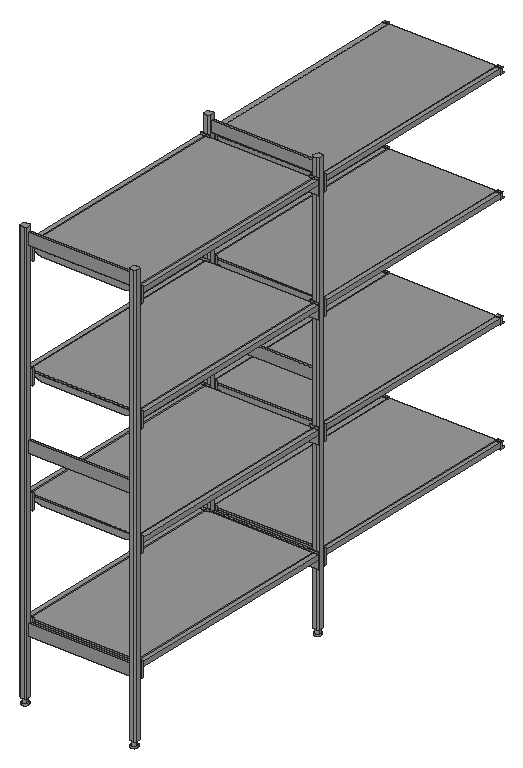
Revit family "QF_ZANUSSI_137082_CLS1840", category Attrezzature speciali, Revit 2020
Family settings
  Quota connettore circolare = Usa diametro
  Tipo di parte = Normale
  Basato su piano di lavoro = No
  Sempre verticale = Sì
  Taglio con vuoti quando caricato = No
  Condiviso = No
  Punto di calcolo locali = No
Parameters (values of type "Standard")
  Weight = 34.00 kg
  Watts = 0 W
  Volts = 0 V
  URL Manufacturer = "http://www.zanussiprofessional.com"
  URL = "http://www.zanussiprofessional.com"
  Steam Supply Size = 0 mm
  Steam Supply Minimum Pressure = 0.0 Pa
  Steam Supply Maximum Pressure = 0.0 Pa
  Steam Consumption per Hour = 0
  Refrigeration Suction Line Size = 0.0 mm
  Refrigeration Liquid Line Size = 0.0 mm
  Refrigerant Compressor Remote = yes
  Prospetto di default = 0.0 mm
  Phase = 0
  Modello = "CLS1840"
  Produttore = "Zanussi"
  Length Actual = 1844.0 mm  # constant formula
  Item Number = "137082"
  Hot Water Size = 0 mm
  Height Actual = 1700.0 mm  # constant formula
  HP = "0 HP"
  Gas Size = 0 mm
  Gas KW = 0
  Gas Input Pressure = 0 W
  Direct Waste Size = 0 mm
  Descrizione = "ALUM.CORNER SHELV.-POLY.TIERS-475X1844MM"
  Depth Actual = 475.0 mm  # constant formula
  Cycle = 0 Hz
  Condensate Return Size = 0 mm
  Compressed Air Volume = 0.0 L/s
  Compressed Air Size = 0 mm
  Compressed Air Pressure = 0.0 Pa
  Cold Water Size = 0 mm
  Accessory = yes
Reference planes
  plane 1: z = 0
  plane 2 "CenterLeft": y = -535.5
  plane 3 "FRONT": y = -921.5
  plane 4 "LEFT": x = 192.5
  plane 5 "RIGHT": x = 667.5
  plane 6 "TOP": z = 1700
  plane 7: y = -889.5
  plane 8: y = -3.5
  plane 9 "Center (Left/Back)": x = 430
  plane 10: x = 256
  plane 11: x = 668
  plane 12 "FEET": z = 25
  plane 13: z = 275
  plane 14: z = 725
  plane 15: z = 1175
  plane 16: z = 1625
  plane 17 "CXLeft": y = -907.5
  plane 18 "Center (Front/Back)": y = 14.5
  plane 19 "CYFront": x = 510
  plane 20: y = 918.5
  plane 21: y = 32.5
  plane 22 "BACK": y = 922.5
  plane 23 "LEFT_ORIGIN": x = 158.5
  plane 24 "BACK_ORIGIN": y = 1397.5
Forms (mm)
  Extrusion 1, solid, material "QF_Aluminum"
    sketch origin (38.022, -921.5, -4.006) x (-1, 0, 0) y (0, 0, 1)
      loop
        line (-189.5, 1637.003) -> (-173.5, 1637.003) -> (-173.5, 1655) -> (-175.493, 1655) -> (-175.493, 1648.501) -> (-608.5, 1648.501) -> (-608.5, 1655) -> (-610.5, 1655) -> (-610.5, 1637.003) -> (-594.5, 1637.003) -> (-560.5, 1625) -> (-223.5, 1625) -> (-189.5, 1637.003)
      loop
        line (-189.5, 1187.003) -> (-173.5, 1187.003) -> (-173.5, 1205) -> (-175.493, 1205) -> (-175.493, 1198.501) -> (-608.5, 1198.501) -> (-608.5, 1205) -> (-610.5, 1205) -> (-610.5, 1187.003) -> (-594.5, 1187.003) -> (-560.5, 1175) -> (-223.5, 1175) -> (-189.5, 1187.003)
      loop
        line (-189.5, 737.003) -> (-173.5, 737.003) -> (-173.5, 755) -> (-175.493, 755) -> (-175.493, 748.501) -> (-608.5, 748.501) -> (-608.5, 755) -> (-610.5, 755) -> (-610.5, 737.003) -> (-594.5, 737.003) -> (-560.5, 725) -> (-223.5, 725) -> (-189.5, 737.003)
      loop
        line (-189.5, 287.003) -> (-173.5, 287.003) -> (-173.5, 305) -> (-175.493, 305) -> (-175.493, 298.501) -> (-608.5, 298.501) -> (-608.5, 305) -> (-610.5, 305) -> (-610.5, 287.003) -> (-594.5, 287.003) -> (-560.5, 275) -> (-223.5, 275) -> (-189.5, 287.003)
    from 37 to 32
  Extrusion 2, solid, material "QF_Aluminum"
    sketch origin (38.022, -921.5, 0) x (-1, 0, 0) y (0, 0, 1)
      loop
        line (-154.478, 246.005) -> (-154.478, 307.993) -> (-190.471, 307.993) -> (-190.471, 246.005) -> (-154.478, 246.005)
      loop
        line (-593.484, 246.005) -> (-593.484, 307.993) -> (-629.478, 307.993) -> (-629.478, 246.005) -> (-593.484, 246.005)
      loop
        line (-154.478, 696.005) -> (-154.478, 757.993) -> (-190.471, 757.993) -> (-190.471, 696.005) -> (-154.478, 696.005)
      loop
        line (-593.484, 696.005) -> (-593.484, 757.993) -> (-629.478, 757.993) -> (-629.478, 696.005) -> (-593.484, 696.005)
      loop
        line (-154.478, 1146.005) -> (-154.478, 1207.993) -> (-190.471, 1207.993) -> (-190.471, 1146.005) -> (-154.478, 1146.005)
      loop
        line (-593.484, 1146.005) -> (-593.484, 1207.993) -> (-629.478, 1207.993) -> (-629.478, 1146.005) -> (-593.484, 1146.005)
      loop
        line (-154.478, 1596.005) -> (-154.478, 1657.993) -> (-190.471, 1657.993) -> (-190.471, 1596.005) -> (-154.478, 1596.005)
      loop
        line (-593.484, 1596.005) -> (-593.484, 1657.993) -> (-629.478, 1657.993) -> (-629.478, 1596.005) -> (-593.484, 1596.005)
    from 28 to 32
  Extrusion 3, solid, material "QF_Aluminum"
    sketch origin (38.022, -921.5, 0) x (-1, 0, 0) y (0, 0, 1)
      loop
        line (-154.5, 1650.994) -> (-173.5, 1650.994) -> (-173.5, 1632.998) -> (-154.5, 1632.998) -> (-154.5, 1650.994)
      loop
        line (-154.5, 1200.994) -> (-173.5, 1200.994) -> (-173.5, 1182.998) -> (-154.5, 1182.998) -> (-154.5, 1200.994)
      loop
        line (-154.5, 750.994) -> (-173.5, 750.994) -> (-173.5, 732.998) -> (-154.5, 732.998) -> (-154.5, 750.994)
      loop
        line (-154.5, 300.994) -> (-173.5, 300.994) -> (-173.5, 282.998) -> (-154.5, 282.998) -> (-154.5, 300.994)
      loop
        line (-629.455, 1650.994) -> (-629.455, 1632.998) -> (-610.455, 1632.998) -> (-610.455, 1650.994) -> (-629.455, 1650.994)
      loop
        line (-629.455, 1200.994) -> (-629.455, 1182.998) -> (-610.455, 1182.998) -> (-610.455, 1200.994) -> (-629.455, 1200.994)
      loop
        line (-629.455, 750.994) -> (-629.455, 732.998) -> (-610.455, 732.998) -> (-610.455, 750.994) -> (-629.455, 750.994)
      loop
        line (-629.455, 300.994) -> (-629.455, 282.998) -> (-610.455, 282.998) -> (-610.455, 300.994) -> (-629.455, 300.994)
    from 32 to 918
  Extrusion 4, solid, material "QF_Polyethylene"
    sketch origin (38.022, -921.5, 0) x (-1, 0, 0) y (0, 0, 1)
      loop
        line (-175.493, 1650.994) -> (-608.5, 1650.994) -> (-608.5, 1644.496) -> (-175.493, 1644.496) -> (-175.493, 1650.994)
      loop
        line (-175.493, 1200.994) -> (-608.5, 1200.994) -> (-608.5, 1194.496) -> (-175.493, 1194.496) -> (-175.493, 1200.994)
      loop
        line (-175.493, 750.994) -> (-608.5, 750.994) -> (-608.5, 744.496) -> (-175.493, 744.496) -> (-175.493, 750.994)
      loop
        line (-175.493, 300.994) -> (-608.5, 300.994) -> (-608.5, 294.496) -> (-175.493, 294.496) -> (-175.493, 300.994)
    from 32 to 918
  Extrusion 5, solid, material "QF_Aluminum"
    sketch origin (38.022, 684.5, 0) x (-1, 0, 0) y (0, 0, 1)
      loop
        line (-154.5, 1650.994) -> (-173.5, 1650.994) -> (-173.5, 1632.998) -> (-154.5, 1632.998) -> (-154.5, 1650.994)
      loop
        line (-610.455, 1650.994) -> (-629.455, 1650.994) -> (-629.455, 1632.998) -> (-610.455, 1632.998) -> (-610.455, 1650.994)
      loop
        line (-154.5, 1200.994) -> (-173.5, 1200.994) -> (-173.5, 1182.998) -> (-154.5, 1182.998) -> (-154.5, 1200.994)
      loop
        line (-610.455, 1200.994) -> (-629.455, 1200.994) -> (-629.455, 1182.998) -> (-610.455, 1182.998) -> (-610.455, 1200.994)
      loop
        line (-154.5, 750.994) -> (-173.5, 750.994) -> (-173.5, 732.998) -> (-154.5, 732.998) -> (-154.5, 750.994)
      loop
        line (-610.455, 750.994) -> (-629.455, 750.994) -> (-629.455, 732.998) -> (-610.455, 732.998) -> (-610.455, 750.994)
      loop
        line (-154.5, 300.994) -> (-173.5, 300.994) -> (-173.5, 282.998) -> (-154.5, 282.998) -> (-154.5, 300.994)
      loop
        line (-610.455, 300.994) -> (-629.455, 300.994) -> (-629.455, 282.998) -> (-610.455, 282.998) -> (-610.455, 300.994)
    from 234 to -652
  Extrusion 6, solid, material "QF_Polyethylene"
    sketch origin (38.022, 684.5, 0) x (-1, 0, 0) y (0, 0, 1)
      loop
        line (-175.493, 1650.994) -> (-608.5, 1650.994) -> (-608.5, 1644.496) -> (-175.493, 1644.496) -> (-175.493, 1650.994)
      loop
        line (-175.493, 1200.994) -> (-608.5, 1200.994) -> (-608.5, 1194.496) -> (-175.493, 1194.496) -> (-175.493, 1200.994)
      loop
        line (-175.493, 750.994) -> (-608.5, 750.994) -> (-608.5, 744.496) -> (-175.493, 744.496) -> (-175.493, 750.994)
      loop
        line (-175.493, 300.994) -> (-608.5, 300.994) -> (-608.5, 294.496) -> (-175.493, 294.496) -> (-175.493, 300.994)
    from 234 to -652
Lines and regions (mm)
  symbolic lines
    curve 1: line (256, -912.5, 1700) -> (668, -912.5, 1700)
    curve 2: line (668, -902.5, 1700) -> (256, -902.5, 1700)
    curve 3: line (192.5, -893.5, 1700) -> (192.5, 0.5, 1700)
    curve 4: line (667.5, -889.5, 1700) -> (667.5, -3.5, 1700)
    curve 5: line (192.5, 28.5, 1700) -> (192.5, 922.5, 1700)
    curve 6: line (667.5, 28.5, 1700) -> (667.5, 922.5, 1700)
    curve 7: line (648.478, -3.5, 1700) -> (648.478, -889.5, 1700)
    curve 8: line (211.522, -889.5, 1700) -> (211.522, -3.5, 1700)
    curve 9: line (211.522, 32.5, 1700) -> (211.522, 918.5, 1700)
    curve 10: line (648.478, 918.5, 1700) -> (648.478, 32.5, 1700)
Dimensions and locks
  plane 3 "FRONT" to plane 2 "CenterLeft" = 386.0 mm
  locked: plane 6 "TOP" to level at 1700
  locked: plane 7 to plane 8 at 886
  locked: plane 10 to plane 11 at 412
  plane 10 to plane 9 "Center (Left/Back)" to plane 11 = 174.0 mm, 238.0 mm
  equal spacing: plane 4 "LEFT", plane 9 "Center (Left/Back)", plane 5 "RIGHT"
  plane 12 "FEET" to level = 25.0 mm
  plane 6 "TOP" to plane 12 "FEET" = 1675.0 mm
  plane 13 to plane 12 "FEET" = 250.0 mm
  plane 14 to plane 13 = 450.0 mm
  plane 15 to plane 14 = 450.0 mm
  plane 16 to plane 15 = 450.0 mm
  locked: plane 21 to plane 20 at 886
  locked: plane 8 to plane 18 "Center (Front/Back)" at 18
  locked: plane 18 "Center (Front/Back)" to plane 21 at 18
  locked: plane 3 "FRONT" to plane 7 at 32
  locked: plane 4 "LEFT" to plane 5 "RIGHT" at 475
  locked: plane 23 "LEFT_ORIGIN" to plane 5 "RIGHT" at 509
  locked: plane 22 "BACK" to plane 24 "BACK_ORIGIN" at 475
  locked: plane 22 "BACK" to plane 3 "FRONT" at 1844
  aligned and locked: level to plane 1
  aligned and locked: Extrusion 1 to plane 7
  aligned and locked: plane 7 to Extrusion 2
  aligned and locked: Extrusion 4 to plane 7
  aligned and locked: plane 8 to Extrusion 4
  aligned and locked: Extrusion 3 to plane 7
  aligned and locked: plane 8 to Extrusion 3
  aligned and locked: Extrusion 1 sketch curve to Extrusion 1 sketch curve  (x3)
  aligned and locked: Extrusion 5 sketch curve to Extrusion 5 sketch curve  (x2)
  aligned and locked: Extrusion 5 to plane 21  (x5)
  aligned and locked: Extrusion 6 to plane 21  (x5)
  aligned and locked: nested 2 to plane 18 "Center (Front/Back)"
  aligned and locked: plane 17 "CXLeft" to nested 1
  aligned and locked: plane 7 to Extrusion 3  (x3)
  aligned and locked: Extrusion 3 to plane 8  (x4)
  aligned and locked: Extrusion 4 to plane 8  (x4)
  aligned and locked: plane 20 to Extrusion 5
  aligned and locked: plane 20 to Extrusion 6
  aligned and locked: Extrusion 5 to plane 20  (x3)
  aligned and locked: Extrusion 6 to plane 20  (x3)
  aligned and locked: plane 9 "Center (Left/Back)" to nested 2
  aligned and locked: nested 3 to plane 22 "BACK"
Automatic sketch dimensions
  Extrusion 1 sketch curve to plane 19 "CYFront" = 138.522 mm  (x4)
  plane 11 to Extrusion 1 sketch curve = 35.478 mm  (x4)
  Extrusion 1 sketch curve to plane 13 = 4.006 mm
  Extrusion 1 sketch curve to Extrusion 1 sketch curve = 34.0 mm  (x4)
  Extrusion 1 sketch curve to plane 14 = 4.006 mm
  Extrusion 1 sketch curve to plane 15 = 4.006 mm
  Extrusion 1 sketch curve to plane 16 = 4.006 mm
  Extrusion 1 sketch curve to plane 10 = 5.522 mm  (x4)
  plane 10 to Extrusion 1 sketch curve = 28.478 mm  (x4)
  plane 13 to Extrusion 1 sketch curve = 7.998 mm  (x2)
  Extrusion 1 sketch curve to Extrusion 1 sketch curve = 11.498 mm  (x4)
  Extrusion 1 sketch curve to Extrusion 1 sketch curve = 6.499 mm  (x8)
  plane 14 to Extrusion 1 sketch curve = 7.998 mm  (x2)
  plane 15 to Extrusion 1 sketch curve = 7.998 mm  (x2)
  plane 16 to Extrusion 1 sketch curve = 7.998 mm  (x2)
  plane 5 "RIGHT" to Extrusion 2 sketch curve = 35.993 mm  (x4)
  Extrusion 2 sketch curve to plane 4 "LEFT" = 0.0 mm  (x4)
  plane 11 to Extrusion 2 sketch curve = 0.5 mm  (x4)
  plane 10 to Extrusion 2 sketch curve = 27.507 mm  (x4)
  Extrusion 2 sketch curve to plane 13 = 28.995 mm  (x2)
  plane 13 to Extrusion 2 sketch curve = 32.993 mm  (x2)
  Extrusion 2 sketch curve to plane 14 = 28.995 mm  (x2)
  plane 14 to Extrusion 2 sketch curve = 32.993 mm  (x2)
  Extrusion 2 sketch curve to plane 15 = 28.995 mm  (x2)
  plane 15 to Extrusion 2 sketch curve = 32.993 mm  (x2)
  Extrusion 2 sketch curve to plane 16 = 28.995 mm  (x2)
  plane 16 to Extrusion 2 sketch curve = 32.993 mm  (x2)
  plane 13 to Extrusion 4 sketch curve = 19.496 mm
  Extrusion 4 sketch curve to Extrusion 4 sketch curve = 6.499 mm  (x4)
  plane 14 to Extrusion 4 sketch curve = 19.496 mm
  plane 15 to Extrusion 4 sketch curve = 19.496 mm
  plane 16 to Extrusion 4 sketch curve = 19.496 mm
  plane 5 "RIGHT" to Extrusion 5 sketch curve = 0.022 mm  (x4)
  Extrusion 5 sketch curve to plane 4 "LEFT" = 19.022 mm  (x4)
  Extrusion 5 sketch curve to plane 19 "CYFront" = 138.478 mm  (x2)
  plane 13 to Extrusion 5 sketch curve = 7.998 mm  (x2)
  Extrusion 5 sketch curve to Extrusion 5 sketch curve = 17.997 mm  (x8)
  plane 14 to Extrusion 5 sketch curve = 7.998 mm  (x2)
  plane 15 to Extrusion 5 sketch curve = 7.998 mm  (x2)
  plane 16 to Extrusion 5 sketch curve = 7.998 mm  (x2)
  Extrusion 6 sketch curve to plane 19 "CYFront" = 136.522 mm  (x4)
  plane 13 to Extrusion 6 sketch curve = 19.496 mm
  Extrusion 6 sketch curve to Extrusion 6 sketch curve = 6.499 mm  (x4)
  plane 14 to Extrusion 6 sketch curve = 19.496 mm
  plane 15 to Extrusion 6 sketch curve = 19.496 mm
  plane 16 to Extrusion 6 sketch curve = 19.496 mm
  plane 5 "RIGHT" to Extrusion 3 sketch curve = 0.022 mm  (x4)
  Extrusion 3 sketch curve to Extrusion 3 sketch curve = 19.0 mm  (x4)
  plane 14 to Extrusion 3 sketch curve = 7.998 mm  (x2)
  plane 10 to Extrusion 3 sketch curve = 44.478 mm  (x4)
  Extrusion 3 sketch curve to plane 4 "LEFT" = 0.022 mm  (x4)
  plane 13 to Extrusion 3 sketch curve = 25.994 mm  (x2)
  plane 13 to Extrusion 3 sketch curve = 7.998 mm  (x2)
  Extrusion 3 sketch curve to Extrusion 3 sketch curve = 17.997 mm  (x6)
  plane 15 to Extrusion 3 sketch curve = 7.998 mm  (x2)
  plane 16 to Extrusion 3 sketch curve = 7.998 mm  (x2)
  plane 10 to Extrusion 1 sketch curve = 42.484 mm  (x4)
  plane 10 to Extrusion 1 sketch curve = 44.478 mm  (x2)
  Extrusion 1 sketch curve to Extrusion 1 sketch curve = 1.993 mm  (x2)
  plane 10 to Extrusion 4 sketch curve = 42.484 mm  (x4)
  Extrusion 5 sketch curve to plane 4 "LEFT" = 0.022 mm  (x4)
  plane 10 to Extrusion 6 sketch curve = 42.484 mm  (x4)
  Extrusion 1 sketch curve to Extrusion 1 sketch curve = 2.0 mm
  plane 5 "RIGHT" to Extrusion 4 sketch curve = 20.978 mm  (x4)
  curve 1 to plane 11 = 0.0 mm
  curve 1 to plane 10 = 0.0 mm
  curve 2 to plane 10 = 0.0 mm
  curve 2 to plane 11 = 0.0 mm
  curve 3 to plane 4 "LEFT" = 0.0 mm
  curve 4 to plane 5 "RIGHT" = 0.0 mm
  plane 7 to curve 4 = 0.0 mm
  plane 7 to curve 8 = 0.0 mm
  plane 8 to curve 8 = 0.0 mm
  plane 8 to curve 7 = 0.0 mm
  plane 8 to curve 4 = 0.0 mm
  curve 5 to plane 4 "LEFT" = 0.0 mm
  curve 6 to plane 5 "RIGHT" = 0.0 mm
  plane 20 to curve 9 = 0.0 mm
  plane 22 "BACK" to curve 5 = 0.0 mm
  plane 22 "BACK" to curve 6 = 0.0 mm
  plane 7 to curve 3 = 4.0 mm
  plane 17 "CXLeft" to curve 2 = 5.0 mm
  curve 1 to plane 17 "CXLeft" = 5.0 mm
  curve 3 to plane 8 = 4.0 mm
  curve 6 to plane 21 = 4.0 mm
  curve 9 to plane 4 "LEFT" = 19.022 mm
  curve 8 to plane 4 "LEFT" = 19.022 mm
  curve 9 to plane 21 = 0.0 mm
  plane 21 to curve 10 = 0.0 mm
  curve 5 to plane 21 = 4.0 mm
  plane 7 to curve 7 = 0.0 mm
  curve 4 to curve 7 = 19.022 mm
  plane 20 to curve 10 = 0.0 mm
  plane 5 "RIGHT" to curve 10 = 19.022 mm
Nested families
  nested 1: "WT_Anta475" at (215.5, -504.5, 0) x (0, 1, 0) z (0, 0, 1), type "WT_Anta475"
  nested 2: "WT_Anta475Center" at (215.5, 417.5, 0) x (0, 1, 0) z (0, 0, 1), type "WT_Anta475Center"
  nested 3: "WT_Aggancio475" at (215.5, 1330.5, 0) x (0, 1, 0) z (0, 0, 1), type "WT_Aggancio475"
Definition of nested family "WT_Anta475"
  Parameters
    WidthLeft = A + 64.0 mm  # 772.0 mm
    Width = 1606.0 mm
    Right = WidthLeft / 2  # 386.0 mm
    Default Elevation = 0.0 mm
    Left = -WidthLeft / 2  # -386.0 mm
    Height = 1725.0 mm
    FEET = 25.0 mm
    E = 0.0 mm
    Dint = Depth - 63.0 mm  # 412.0 mm
    Dext = Depth - 8.0 mm  # 467.0 mm
    Depth = 475.0 mm
    DX = (WidthLeft - A) / 2  # 32.0 mm
    B = 798.0 mm
    A = 708.0 mm
  Reference planes
    plane 1: z = 0
    plane 2 "LEFT": x = -417
    plane 3 "BACK": y = 23
    plane 4 "FRONT": y = -452
    plane 5 "TOP": z = 1725
    plane 6 "Center (Front/Back)": y = -214.5
    plane 7: y = -8.5
    plane 8: y = -420.5
    plane 9 "FEET": z = 25
    plane 10: z = 275
    plane 11: z = 725
    plane 12: z = 1175
    plane 13: z = 1625
    plane 14 "CXLeft": x = -403
    plane 15: y = 5.5
    plane 16 "CYBack": y = 5.5
    plane 17 "CYFront": y = -434.5
    plane 18: x = -385.031
    plane 19: x = -380.031
  Forms (mm)
    Extrusion 1, solid
      sketch origin (0, 0, 0) x (1, 0, 0) y (0, 1, 0)
        loop
          line (-417, 13.246) -> (-417, -2.246) -> (-410.746, -8.5) -> (-395.254, -8.5) -> (-389, -2.246) -> (-389, 13.246) -> (-395.254, 19.5) -> (-410.746, 19.5) -> (-417, 13.246)
      from 1725 to 25
    Extrusion 2, solid
      sketch origin (-417, 0, 0) x (0, 1, 0) y (0, 0, 1)
        loop
          line (23, 246.005) -> (23, 307.993) -> (-12.993, 307.993) -> (-12.993, 246.005) -> (23, 246.005)
        loop
          line (-452, 246.005) -> (-416.007, 246.005) -> (-416.007, 307.993) -> (-452, 307.993) -> (-452, 246.005)
        loop
          line (23, 696.005) -> (23, 757.993) -> (-12.993, 757.993) -> (-12.993, 696.005) -> (23, 696.005)
        loop
          line (-452, 696.005) -> (-416.007, 696.005) -> (-416.007, 757.993) -> (-452, 757.993) -> (-452, 696.005)
        loop
          line (23, 1146.005) -> (23, 1207.993) -> (-12.993, 1207.993) -> (-12.993, 1146.005) -> (23, 1146.005)
        loop
          line (-452, 1146.005) -> (-416.007, 1146.005) -> (-416.007, 1207.993) -> (-452, 1207.993) -> (-452, 1146.005)
        loop
          line (23, 1596.005) -> (23, 1657.993) -> (-12.993, 1657.993) -> (-12.993, 1596.005) -> (23, 1596.005)
        loop
          line (-452, 1596.005) -> (-416.007, 1596.005) -> (-416.007, 1657.993) -> (-452, 1657.993) -> (-452, 1596.005)
      from 28 to 32
    Revolve 3, solid
      sketch origin (-403, 0, 0) x (0, 1, 0) y (0, 0, 1)
        loop
          line (5.5, 25) -> (5.5, 0) -> (19, 0) -> (19, 5) -> (14, 5) -> (14, 25) -> (5.5, 25)
        axis (5.5, 25) -> (5.5, 0)
      angle from 0 to 360
    Extrusion 4, solid
      sketch origin (-403, 0, 0) x (0, 1, 0) y (0, 0, 1)
        loop
          line (-8.5, 912.382) -> (-8.5, 957.374) -> (-420.5, 957.374) -> (-420.5, 912.382) -> (-8.5, 912.382)
        loop
          line (-8.5, 1662.244) -> (-8.5, 1707.236) -> (-420.5, 1707.236) -> (-420.5, 1662.244) -> (-8.5, 1662.244)
      from -5 to 5
    Revolve 5, solid
      sketch origin (-403, -627, 0) x (0, -1, 0) y (0, 0, 1)
        loop
          line (-192.5, 25) -> (-192.5, 0) -> (-179, 0) -> (-179, 5) -> (-184, 5) -> (-184, 25) -> (-192.5, 25)
        axis (-192.5, 25) -> (-192.5, 0)
      angle from 0 to 360
    Extrusion 6, solid
      sketch origin (0, -627, 0) x (1, 0, 0) y (0, 1, 0)
        loop
          line (-417, 184.754) -> (-410.746, 178.5) -> (-395.254, 178.5) -> (-389, 184.754) -> (-389, 200.246) -> (-395.254, 206.5) -> (-410.746, 206.5) -> (-417, 200.246) -> (-417, 184.754)
      from 1725 to 25
    Extrusion 7, solid
      sketch origin (-417.031, -0.022, 0) x (0, 1, 0) y (0, 0, -1)
        loop
          line (-12, -1632.998) -> (-46, -1620.994) -> (-383, -1620.994) -> (-417, -1632.998) -> (-433, -1632.998) -> (-433, -1650.994) -> (-431, -1650.994) -> (-431, -1644.496) -> (2.007, -1644.496) -> (2.007, -1650.994) -> (4, -1650.994) -> (4, -1632.998) -> (-12, -1632.998)
        loop
          line (-12, -1182.998) -> (-46, -1170.994) -> (-383, -1170.994) -> (-417, -1182.998) -> (-433, -1182.998) -> (-433, -1200.994) -> (-431, -1200.994) -> (-431, -1194.496) -> (2.007, -1194.496) -> (2.007, -1200.994) -> (4, -1200.994) -> (4, -1182.998) -> (-12, -1182.998)
        loop
          line (-12, -732.998) -> (-46, -720.994) -> (-383, -720.994) -> (-417, -732.998) -> (-433, -732.998) -> (-433, -750.994) -> (-431, -750.994) -> (-431, -744.496) -> (2.007, -744.496) -> (2.007, -750.994) -> (4, -750.994) -> (4, -732.998) -> (-12, -732.998)
        loop
          line (-12, -282.998) -> (-46, -270.994) -> (-383, -270.994) -> (-417, -282.998) -> (-433, -282.998) -> (-433, -300.994) -> (-431, -300.994) -> (-431, -294.496) -> (2.007, -294.496) -> (2.007, -300.994) -> (4, -300.994) -> (4, -282.998) -> (-12, -282.998)
      from -32 to -37
    Extrusion 8, solid
      sketch origin (-403, 0, -659.878) x (0, 1, 0) y (0, 0, 1)
        loop
          line (-8.5, 912.382) -> (-8.5, 957.374) -> (-420.5, 957.374) -> (-420.5, 912.382) -> (-8.5, 912.382)
        loop
          line (-8.5, 1572.382) -> (-8.5, 1617.374) -> (-420.5, 1617.374) -> (-420.5, 1572.382) -> (-8.5, 1572.382)
        loop
          line (-8.5, 2322.382) -> (-8.5, 2367.374) -> (-420.5, 2367.374) -> (-420.5, 2322.382) -> (-8.5, 2322.382)
      from -5 to 5
  Lines and regions (mm)
    symbolic lines
      curve 1: line (-408, -8.5, 1725) -> (-408, -420.5, 1725)
      curve 2: line (-398, -420.5, 1725) -> (-398, -8.5, 1725)
      curve 3: line (-395.254, -8.5, 1725) -> (-410.746, -8.5, 1725)
      curve 4: line (-417, -2.246, 1725) -> (-410.746, -8.5, 1725)
      curve 5: line (-417, 13.246, 1725) -> (-417, -2.246, 1725)
      curve 6: line (-410.746, 19.5, 1725) -> (-417, 13.246, 1725)
      curve 7: line (-395.254, 19.5, 1725) -> (-410.746, 19.5, 1725)
      curve 8: line (-389, 13.246, 1725) -> (-395.254, 19.5, 1725)
      curve 9: line (-395.254, -8.5, 1725) -> (-389, -2.246, 1725)
      curve 10: line (-395.254, -420.5, 1725) -> (-410.746, -420.5, 1725)
      curve 11: line (-417, -426.754, 1725) -> (-410.746, -420.5, 1725)
      curve 12: line (-410.746, -448.5, 1725) -> (-417, -442.246, 1725)
      curve 13: line (-395.254, -448.5, 1725) -> (-410.746, -448.5, 1725)
      curve 14: line (-389, -442.246, 1725) -> (-395.254, -448.5, 1725)
      curve 15: line (-395.254, -420.5, 1725) -> (-389, -426.754, 1725)
      curve 16: line (-389, -452, 1725) -> (-389, -416.007, 1725)
      curve 17: line (-389, -416.007, 1725) -> (-385, -416.007, 1725)
      curve 18: line (-389, 23, 1725) -> (-389, -12.993, 1725)
      curve 19: line (-389, -12.993, 1725) -> (-385, -12.993, 1725)
      curve 20: line (-417, -426.754, 1725) -> (-417, -442.246, 1725)
      curve 21: line (-385, -452, 1725) -> (-385, -416.007, 1725)
      curve 22: line (-385, -452, 1725) -> (-389, -452, 1725)
      curve 23: line (-385, 23, 1725) -> (-389, 23, 1725)
      curve 24: line (-385, -12.993, 1725) -> (-385, 23, 1725)
      curve 25: line (-385.031, -13.016, 1725) -> (-385.031, -416.029, 1725)
  Dimensions and locks
    "Height": plane 5 "TOP" to level
    "Depth": plane 3 "BACK" to plane 4 "FRONT"
    "Dint": plane 7 to plane 8
    equal spacing: plane 7, plane 6 "Center (Front/Back)", plane 8
    equal spacing: plane 3 "BACK", plane 6 "Center (Front/Back)", plane 4 "FRONT"
    plane 9 "FEET" to level = 25.0 mm
    plane 5 "TOP" to plane 9 "FEET" = 1700.0 mm
    plane 10 to plane 9 "FEET" = 250.0 mm
    plane 11 to plane 10 = 450.0 mm
    plane 12 to plane 11 = 450.0 mm
    plane 13 to plane 12 = 450.0 mm
    locked: plane 2 "LEFT" to plane 14 "CXLeft" at 14
    locked: plane 3 "BACK" to plane 16 "CYBack" at 17.5
    locked: plane 17 "CYFront" to plane 4 "FRONT" at 17.5
    locked: Revolve 3 sketch curve to Revolve 3 sketch curve at 8.5
    locked: Revolve 3 sketch curve to plane 16 "CYBack" at 13.5
    locked: Revolve 5 sketch curve to Revolve 5 sketch curve at 8.5
    aligned and locked: level to plane 1
    aligned and locked: curve 20 to Extrusion 6
    aligned and locked: plane 5 "TOP" to Extrusion 1
    aligned and locked: plane 5 "TOP" to Extrusion 6
    aligned and locked: Extrusion 7 sketch curve to Extrusion 7 sketch curve  (x3)
  Automatic sketch dimensions
    curve 16 to plane 4 "FRONT" = 0.0 mm
    curve 11 to plane 8 = 0.0 mm
    curve 9 to plane 7 = 0.0 mm
    curve 5 to plane 2 "LEFT" = 0.0 mm
    curve 23 to plane 3 "BACK" = 0.0 mm
    plane 4 "FRONT" to curve 13 = 3.5 mm
    curve 20 to plane 17 "CYFront" = 7.746 mm
    curve 20 to plane 8 = 6.254 mm
    plane 8 to curve 16 = 4.493 mm
    curve 24 to plane 18 = 0.031 mm
    curve 24 to plane 7 = 4.493 mm
    plane 7 to curve 5 = 6.254 mm
    curve 5 to plane 15 = 7.746 mm
    curve 6 to plane 3 "BACK" = 3.5 mm
    curve 21 to plane 18 = 0.031 mm
    plane 18 to curve 23 = 3.969 mm
    plane 18 to curve 16 = 3.969 mm
    curve 18 to curve 8 = 6.254 mm
    curve 18 to curve 3 = 6.254 mm
    curve 16 to curve 13 = 6.254 mm
    curve 16 to curve 15 = 6.254 mm
    plane 2 "LEFT" to curve 10 = 6.254 mm
    plane 2 "LEFT" to curve 7 = 6.254 mm
    plane 2 "LEFT" to curve 12 = 6.254 mm
    plane 2 "LEFT" to curve 3 = 6.254 mm
    curve 14 to plane 17 "CYFront" = 7.746 mm
    curve 15 to plane 8 = 6.254 mm
    plane 7 to curve 9 = 6.254 mm
    curve 8 to plane 15 = 7.746 mm
    curve 3 to curve 2 = 2.746 mm
    curve 1 to curve 10 = 2.746 mm
    Extrusion 1 sketch curve to plane 2 "LEFT" = 0.0 mm
    Extrusion 1 sketch curve to plane 7 = 0.0 mm
    plane 2 "LEFT" to Extrusion 1 sketch curve = 6.254 mm  (x2)
    plane 14 "CXLeft" to Extrusion 1 sketch curve = 7.746 mm  (x2)
    Extrusion 1 sketch curve to plane 3 "BACK" = 3.5 mm
    plane 18 to Extrusion 1 sketch curve = 3.969 mm
    plane 7 to Extrusion 1 sketch curve = 6.254 mm  (x2)
    Extrusion 1 sketch curve to plane 15 = 7.746 mm  (x2)
    Extrusion 2 sketch curve to plane 4 "FRONT" = 0.0 mm  (x4)
    Extrusion 2 sketch curve to plane 3 "BACK" = 0.0 mm  (x4)
    plane 8 to Extrusion 2 sketch curve = 4.493 mm  (x4)
    Extrusion 2 sketch curve to plane 7 = 4.493 mm  (x4)
    Extrusion 2 sketch curve to plane 10 = 28.995 mm  (x2)
    plane 10 to Extrusion 2 sketch curve = 32.993 mm  (x2)
    Extrusion 2 sketch curve to plane 11 = 28.995 mm  (x2)
    plane 11 to Extrusion 2 sketch curve = 32.993 mm  (x2)
    Extrusion 2 sketch curve to plane 12 = 28.995 mm  (x2)
    plane 12 to Extrusion 2 sketch curve = 32.993 mm  (x2)
    Extrusion 2 sketch curve to plane 13 = 28.995 mm  (x2)
    plane 13 to Extrusion 2 sketch curve = 32.993 mm  (x2)
    Revolve 3 sketch curve to plane 9 "FEET" = 0.0 mm  (x2)
    Revolve 3 sketch curve to plane 15 = 0.0 mm  (x2)
    Revolve 3 sketch curve to level = 0.0 mm
    level to Revolve 3 sketch curve = 5.0 mm
    Revolve 3 sketch curve to Revolve 3 sketch curve = 11.655 mm
    Extrusion 4 sketch curve to plane 8 = 0.0 mm  (x2)
    Extrusion 4 sketch curve to plane 7 = 0.0 mm  (x2)
    plane 11 to Extrusion 4 sketch curve = 187.382 mm
    Extrusion 4 sketch curve to Extrusion 4 sketch curve = 44.992 mm
    plane 13 to Extrusion 4 sketch curve = 37.244 mm
    Extrusion 4 sketch curve to plane 5 "TOP" = 17.764 mm
    Revolve 5 sketch curve to plane 9 "FEET" = 0.0 mm  (x2)
    Revolve 5 sketch curve to plane 17 "CYFront" = 0.0 mm  (x2)
    Revolve 5 sketch curve to level = 0.0 mm
    Revolve 5 sketch curve to plane 4 "FRONT" = 4.0 mm
    Revolve 5 sketch curve to Revolve 5 sketch curve = 5.0 mm
    level to Revolve 5 sketch curve = 11.655 mm
    Extrusion 6 sketch curve to plane 2 "LEFT" = 0.0 mm
    Extrusion 6 sketch curve to plane 8 = 0.0 mm
    Extrusion 6 sketch curve to plane 2 "LEFT" = 6.254 mm  (x2)
    Extrusion 6 sketch curve to plane 14 "CXLeft" = 7.746 mm  (x2)
    Extrusion 6 sketch curve to plane 4 "FRONT" = 3.5 mm
    Extrusion 6 sketch curve to plane 18 = 3.969 mm
    plane 8 to Extrusion 6 sketch curve = 6.254 mm  (x2)
    plane 17 "CYFront" to Extrusion 6 sketch curve = 7.746 mm  (x2)
    plane 17 "CYFront" to Extrusion 7 sketch curve = 1.478 mm  (x4)
    Extrusion 7 sketch curve to Extrusion 7 sketch curve = 2.0 mm
    plane 8 to Extrusion 7 sketch curve = 3.478 mm  (x4)
    Extrusion 7 sketch curve to plane 10 = 4.006 mm
    Extrusion 7 sketch curve to Extrusion 7 sketch curve = 34.0 mm  (x4)
    Extrusion 7 sketch curve to plane 11 = 4.006 mm
    Extrusion 7 sketch curve to plane 12 = 4.006 mm
    Extrusion 7 sketch curve to plane 13 = 4.006 mm
    Extrusion 7 sketch curve to plane 7 = 37.522 mm  (x4)
    Extrusion 7 sketch curve to plane 7 = 3.522 mm  (x4)
    plane 15 to Extrusion 7 sketch curve = 3.516 mm  (x4)
    plane 15 to Extrusion 7 sketch curve = 1.522 mm  (x4)
    plane 13 to Extrusion 7 sketch curve = 7.998 mm  (x2)
    Extrusion 7 sketch curve to Extrusion 7 sketch curve = 11.498 mm
    Extrusion 7 sketch curve to Extrusion 7 sketch curve = 6.499 mm  (x5)
    plane 12 to Extrusion 7 sketch curve = 25.994 mm  (x2)
    plane 12 to Extrusion 7 sketch curve = 7.998 mm  (x2)
    plane 11 to Extrusion 7 sketch curve = 25.994 mm  (x2)
    plane 11 to Extrusion 7 sketch curve = 7.998 mm  (x2)
    plane 10 to Extrusion 7 sketch curve = 25.994 mm  (x2)
    plane 10 to Extrusion 7 sketch curve = 7.998 mm  (x2)
    curve 25 to plane 18 = 0.0 mm
    plane 8 to curve 25 = 4.471 mm
    curve 25 to plane 7 = 4.516 mm
    Extrusion 8 sketch curve to plane 8 = 0.0 mm  (x3)
    Extrusion 8 sketch curve to plane 7 = 0.0 mm  (x3)
    Extrusion 8 sketch curve to plane 10 = 22.496 mm
    plane 10 to Extrusion 8 sketch curve = 22.496 mm
    plane 11 to Extrusion 8 sketch curve = 187.504 mm
    Extrusion 8 sketch curve to Extrusion 8 sketch curve = 44.992 mm
    plane 13 to Extrusion 8 sketch curve = 37.504 mm
    Extrusion 8 sketch curve to plane 5 "TOP" = 17.504 mm
Definition of nested family "WT_Anta475Center"
  Parameters
    WidthLeft = A + 64.0 mm  # 772.0 mm
    Width = 1606.0 mm
    Right = WidthLeft / 2  # 386.0 mm
    Default Elevation = 0.0 mm
    Left = -WidthLeft / 2  # -386.0 mm
    Height = 1725.0 mm
    FEET = 25.0 mm
    E = 0.0 mm
    Dint = Depth - 63.0 mm  # 412.0 mm
    Dext = Depth - 8.0 mm  # 467.0 mm
    Depth = 475.0 mm
    DX = (WidthLeft - A) / 2  # 32.0 mm
    B = 798.0 mm
    A = 708.0 mm
  Reference planes
    plane 1: z = 0
    plane 2 "L": x = -417
    plane 3 "BACK": y = 23
    plane 4 "FRONT": y = -452
    plane 5 "TOP": z = 1725
    plane 6 "Center (Front/Back)": y = -214.5
    plane 7: y = -8.5
    plane 8: y = -420.5
    plane 9 "FEET": z = 25
    plane 10: z = 275
    plane 11: z = 725
    plane 12: z = 1175
    plane 13: z = 1625
    plane 14 "CXLeft": x = -403
    plane 15: y = 5.5
    plane 16 "CYBack": y = 5.5
    plane 17 "CYFront": y = -434.5
    plane 18: x = -385.031
    plane 19 "RIGHT": x = -380.031
    plane 20: x = -420.969
    plane 21 "LEFT": x = -425.969
  Forms (mm)
    Extrusion 1, solid
      sketch origin (0, 0, 0) x (1, 0, 0) y (0, 1, 0)
        loop
          line (-417, 13.246) -> (-417, -2.246) -> (-410.746, -8.5) -> (-395.254, -8.5) -> (-389, -2.246) -> (-389, 13.246) -> (-395.254, 19.5) -> (-410.746, 19.5) -> (-417, 13.246)
      from 1725 to 25
    Extrusion 2, solid
      sketch origin (-417, 0, 0) x (0, 1, 0) y (0, 0, 1)
        loop
          line (23, 246.005) -> (23, 307.993) -> (-12.993, 307.993) -> (-12.993, 246.005) -> (23, 246.005)
        loop
          line (-452, 246.005) -> (-416.007, 246.005) -> (-416.007, 307.993) -> (-452, 307.993) -> (-452, 246.005)
        loop
          line (23, 696.005) -> (23, 757.993) -> (-12.993, 757.993) -> (-12.993, 696.005) -> (23, 696.005)
        loop
          line (-452, 696.005) -> (-416.007, 696.005) -> (-416.007, 757.993) -> (-452, 757.993) -> (-452, 696.005)
        loop
          line (23, 1146.005) -> (23, 1207.993) -> (-12.993, 1207.993) -> (-12.993, 1146.005) -> (23, 1146.005)
        loop
          line (-452, 1146.005) -> (-416.007, 1146.005) -> (-416.007, 1207.993) -> (-452, 1207.993) -> (-452, 1146.005)
        loop
          line (23, 1596.005) -> (23, 1657.993) -> (-12.993, 1657.993) -> (-12.993, 1596.005) -> (23, 1596.005)
        loop
          line (-452, 1596.005) -> (-416.007, 1596.005) -> (-416.007, 1657.993) -> (-452, 1657.993) -> (-452, 1596.005)
      from 28 to 32
    Revolve 3, solid
      sketch origin (-403, 0, 0) x (0, 1, 0) y (0, 0, 1)
        loop
          line (5.5, 25) -> (5.5, 0) -> (19, 0) -> (19, 5) -> (14, 5) -> (14, 25) -> (5.5, 25)
        axis (5.5, 25) -> (5.5, 0)
      angle from 0 to 360
    Extrusion 4, solid
      sketch origin (-403, 0, 0) x (0, 1, 0) y (0, 0, 1)
        loop
          line (-8.5, 912.382) -> (-8.5, 957.374) -> (-420.5, 957.374) -> (-420.5, 912.382) -> (-8.5, 912.382)
        loop
          line (-8.5, 1662.244) -> (-8.5, 1707.236) -> (-420.5, 1707.236) -> (-420.5, 1662.244) -> (-8.5, 1662.244)
      from -5 to 5
    Revolve 5, solid
      sketch origin (-403, -627, 0) x (0, -1, 0) y (0, 0, 1)
        loop
          line (-192.5, 25) -> (-192.5, 0) -> (-179, 0) -> (-179, 5) -> (-184, 5) -> (-184, 25) -> (-192.5, 25)
        axis (-192.5, 25) -> (-192.5, 0)
      angle from 0 to 360
    Extrusion 6, solid
      sketch origin (0, -627, 0) x (1, 0, 0) y (0, 1, 0)
        loop
          line (-417, 184.754) -> (-410.746, 178.5) -> (-395.254, 178.5) -> (-389, 184.754) -> (-389, 200.246) -> (-395.254, 206.5) -> (-410.746, 206.5) -> (-417, 200.246) -> (-417, 184.754)
      from 1725 to 25
    Extrusion 7, solid
      sketch origin (-417.031, -0.022, 0) x (0, 1, 0) y (0, 0, -1)
        loop
          line (-12, -1632.998) -> (-46, -1620.994) -> (-383, -1620.994) -> (-417, -1632.998) -> (-433, -1632.998) -> (-433, -1650.994) -> (-431, -1650.994) -> (-431, -1644.496) -> (2.007, -1644.496) -> (2.007, -1650.994) -> (4, -1650.994) -> (4, -1632.998) -> (-12, -1632.998)
        loop
          line (-12, -1182.998) -> (-46, -1170.994) -> (-383, -1170.994) -> (-417, -1182.998) -> (-433, -1182.998) -> (-433, -1200.994) -> (-431, -1200.994) -> (-431, -1194.496) -> (2.007, -1194.496) -> (2.007, -1200.994) -> (4, -1200.994) -> (4, -1182.998) -> (-12, -1182.998)
        loop
          line (-12, -732.998) -> (-46, -720.994) -> (-383, -720.994) -> (-417, -732.998) -> (-433, -732.998) -> (-433, -750.994) -> (-431, -750.994) -> (-431, -744.496) -> (2.007, -744.496) -> (2.007, -750.994) -> (4, -750.994) -> (4, -732.998) -> (-12, -732.998)
        loop
          line (-12, -282.998) -> (-46, -270.994) -> (-383, -270.994) -> (-417, -282.998) -> (-433, -282.998) -> (-433, -300.994) -> (-431, -300.994) -> (-431, -294.496) -> (2.007, -294.496) -> (2.007, -300.994) -> (4, -300.994) -> (4, -282.998) -> (-12, -282.998)
      from -32 to -37
    Extrusion 8, solid
      sketch origin (-403, 0, -659.878) x (0, 1, 0) y (0, 0, 1)
        loop
          line (-8.5, 912.382) -> (-8.5, 957.374) -> (-420.5, 957.374) -> (-420.5, 912.382) -> (-8.5, 912.382)
        loop
          line (-8.5, 1572.382) -> (-8.5, 1617.374) -> (-420.5, 1617.374) -> (-420.5, 1572.382) -> (-8.5, 1572.382)
        loop
          line (-8.5, 2322.382) -> (-8.5, 2367.374) -> (-420.5, 2367.374) -> (-420.5, 2322.382) -> (-8.5, 2322.382)
      from -5 to 5
    Extrusion 9, solid
      sketch origin (-389, 0, 0) x (0, 1, 0) y (0, 0, -1)
        loop
          line (23, -246.005) -> (-12.993, -246.005) -> (-12.993, -307.993) -> (23, -307.993) -> (23, -246.005)
        loop
          line (-452, -246.005) -> (-452, -307.993) -> (-416.007, -307.993) -> (-416.007, -246.005) -> (-452, -246.005)
        loop
          line (23, -696.005) -> (-12.993, -696.005) -> (-12.993, -757.993) -> (23, -757.993) -> (23, -696.005)
        loop
          line (-452, -696.005) -> (-452, -757.993) -> (-416.007, -757.993) -> (-416.007, -696.005) -> (-452, -696.005)
        loop
          line (23, -1146.005) -> (-12.993, -1146.005) -> (-12.993, -1207.993) -> (23, -1207.993) -> (23, -1146.005)
        loop
          line (-452, -1146.005) -> (-452, -1207.993) -> (-416.007, -1207.993) -> (-416.007, -1146.005) -> (-452, -1146.005)
        loop
          line (23, -1596.005) -> (-12.993, -1596.005) -> (-12.993, -1657.993) -> (23, -1657.993) -> (23, -1596.005)
        loop
          line (-452, -1596.005) -> (-452, -1657.993) -> (-416.007, -1657.993) -> (-416.007, -1596.005) -> (-452, -1596.005)
      from 28 to 32
    Extrusion 10, solid
      sketch origin (-388.969, -0.022, 0) x (0, 1, 0) y (0, 0, 1)
        loop
          line (-12, 1632.998) -> (4, 1632.998) -> (4, 1650.994) -> (2.007, 1650.994) -> (2.007, 1644.496) -> (-431, 1644.496) -> (-431, 1650.994) -> (-433, 1650.994) -> (-433, 1632.998) -> (-417, 1632.998) -> (-383, 1620.994) -> (-46, 1620.994) -> (-12, 1632.998)
        loop
          line (-12, 1182.998) -> (4, 1182.998) -> (4, 1200.994) -> (2.007, 1200.994) -> (2.007, 1194.496) -> (-431, 1194.496) -> (-431, 1200.994) -> (-433, 1200.994) -> (-433, 1182.998) -> (-417, 1182.998) -> (-383, 1170.994) -> (-46, 1170.994) -> (-12, 1182.998)
        loop
          line (-12, 732.998) -> (4, 732.998) -> (4, 750.994) -> (2.007, 750.994) -> (2.007, 744.496) -> (-431, 744.496) -> (-431, 750.994) -> (-433, 750.994) -> (-433, 732.998) -> (-417, 732.998) -> (-383, 720.994) -> (-46, 720.994) -> (-12, 732.998)
        loop
          line (-12, 282.998) -> (4, 282.998) -> (4, 300.994) -> (2.007, 300.994) -> (2.007, 294.496) -> (-431, 294.496) -> (-431, 300.994) -> (-433, 300.994) -> (-433, 282.998) -> (-417, 282.998) -> (-383, 270.994) -> (-46, 270.994) -> (-12, 282.998)
      from -32 to -37
  Lines and regions (mm)
    symbolic lines
      curve 1: line (-408, -8.5, 1725) -> (-408, -420.5, 1725)
      curve 2: line (-398, -420.5, 1725) -> (-398, -8.5, 1725)
      curve 3: line (-395.254, -8.5, 1725) -> (-410.746, -8.5, 1725)
      curve 4: line (-417, -2.246, 1725) -> (-410.746, -8.5, 1725)
      curve 5: line (-410.746, 19.5, 1725) -> (-417, 13.246, 1725)
      curve 6: line (-395.254, 19.5, 1725) -> (-410.746, 19.5, 1725)
      curve 7: line (-389, 13.246, 1725) -> (-395.254, 19.5, 1725)
      curve 8: line (-395.254, -8.5, 1725) -> (-389, -2.246, 1725)
      curve 9: line (-395.254, -420.5, 1725) -> (-410.746, -420.5, 1725)
      curve 10: line (-417, -426.754, 1725) -> (-410.746, -420.5, 1725)
      curve 11: line (-410.746, -448.5, 1725) -> (-417, -442.246, 1725)
      curve 12: line (-395.254, -448.5, 1725) -> (-410.746, -448.5, 1725)
      curve 13: line (-389, -442.246, 1725) -> (-395.254, -448.5, 1725)
      curve 14: line (-395.254, -420.5, 1725) -> (-389, -426.754, 1725)
      curve 15: line (-389, -452, 1725) -> (-389, -416.007, 1725)
      curve 16: line (-389, -416.007, 1725) -> (-385, -416.007, 1725)
      curve 17: line (-389, 23, 1725) -> (-389, -12.993, 1725)
      curve 18: line (-389, -12.993, 1725) -> (-385, -12.993, 1725)
      curve 19: line (-385, -452, 1725) -> (-385, -416.007, 1725)
      curve 20: line (-385, -452, 1725) -> (-389, -452, 1725)
      curve 21: line (-385, 23, 1725) -> (-389, 23, 1725)
      curve 22: line (-385, -12.993, 1725) -> (-385, 23, 1725)
      curve 23: line (-385.031, -13.016, 1725) -> (-385.031, -416.029, 1725)
      curve 24: line (-417, -452, 1725) -> (-417, -416.007, 1725)
      curve 25: line (-417, -416.007, 1725) -> (-421, -416.007, 1725)
      curve 26: line (-417, 23, 1725) -> (-417, -12.993, 1725)
      curve 27: line (-417, -12.993, 1725) -> (-421, -12.993, 1725)
      curve 28: line (-421, -452, 1725) -> (-421, -416.007, 1725)
      curve 29: line (-421, -452, 1725) -> (-417, -452, 1725)
      curve 30: line (-421, 23, 1725) -> (-417, 23, 1725)
      curve 31: line (-421, -12.993, 1725) -> (-421, 23, 1725)
      curve 32: line (-420.969, -13.016, 1725) -> (-420.969, -416.029, 1725)
  Dimensions and locks
    "Height": plane 5 "TOP" to level
    "Depth": plane 3 "BACK" to plane 4 "FRONT"
    "Dint": plane 7 to plane 8
    equal spacing: plane 7, plane 6 "Center (Front/Back)", plane 8
    equal spacing: plane 3 "BACK", plane 6 "Center (Front/Back)", plane 4 "FRONT"
    plane 9 "FEET" to level = 25.0 mm
    plane 5 "TOP" to plane 9 "FEET" = 1700.0 mm
    plane 10 to plane 9 "FEET" = 250.0 mm
    plane 11 to plane 10 = 450.0 mm
    plane 12 to plane 11 = 450.0 mm
    plane 13 to plane 12 = 450.0 mm
    locked: plane 3 "BACK" to plane 16 "CYBack" at 17.5
    locked: plane 17 "CYFront" to plane 4 "FRONT" at 17.5
    locked: Revolve 3 sketch curve to Revolve 3 sketch curve at 8.5
    locked: Revolve 3 sketch curve to plane 16 "CYBack" at 13.5
    locked: Revolve 5 sketch curve to Revolve 5 sketch curve at 8.5
    aligned and locked: level to plane 1
    aligned and locked: plane 5 "TOP" to Extrusion 1
    aligned and locked: plane 5 "TOP" to Extrusion 6
    aligned and locked: Extrusion 7 sketch curve to Extrusion 7 sketch curve  (x3)
    aligned and locked: Extrusion 10 sketch curve to Extrusion 10 sketch curve  (x3)
  Automatic sketch dimensions
    curve 15 to plane 4 "FRONT" = 0.0 mm
    curve 28 to plane 4 "FRONT" = 0.0 mm
    curve 9 to plane 8 = 0.0 mm
    curve 25 to plane 2 "L" = 0.0 mm
    curve 8 to plane 7 = 0.0 mm
    curve 17 to plane 3 "BACK" = 0.0 mm
    curve 30 to plane 3 "BACK" = 0.0 mm
    plane 4 "FRONT" to curve 11 = 3.5 mm
    curve 19 to plane 18 = 0.031 mm
    plane 8 to curve 19 = 4.493 mm
    plane 8 to curve 25 = 4.493 mm
    curve 27 to plane 20 = 0.031 mm
    curve 27 to plane 7 = 4.493 mm
    curve 17 to plane 7 = 4.493 mm
    curve 5 to plane 15 = 7.746 mm
    curve 7 to plane 3 "BACK" = 3.5 mm
    curve 18 to plane 18 = 0.031 mm
    plane 18 to curve 21 = 3.969 mm
    plane 18 to curve 20 = 3.969 mm
    curve 15 to curve 9 = 6.254 mm
    curve 17 to curve 7 = 6.254 mm
    curve 17 to curve 3 = 6.254 mm
    curve 15 to curve 12 = 6.254 mm
    plane 2 "L" to curve 12 = 6.254 mm
    plane 2 "L" to curve 4 = 6.254 mm
    plane 2 "L" to curve 10 = 6.254 mm
    plane 2 "L" to curve 5 = 6.254 mm
    curve 28 to plane 20 = 0.031 mm
    curve 13 to plane 17 "CYFront" = 7.746 mm
    curve 14 to plane 8 = 6.254 mm
    plane 7 to curve 8 = 6.254 mm
    curve 7 to plane 15 = 7.746 mm
    curve 9 to curve 2 = 2.746 mm
    curve 1 to curve 9 = 2.746 mm
    Extrusion 1 sketch curve to plane 2 "L" = 0.0 mm
    Extrusion 1 sketch curve to plane 7 = 0.0 mm
    plane 2 "L" to Extrusion 1 sketch curve = 6.254 mm  (x2)
    plane 14 "CXLeft" to Extrusion 1 sketch curve = 7.746 mm  (x2)
    Extrusion 1 sketch curve to plane 3 "BACK" = 3.5 mm
    plane 18 to Extrusion 1 sketch curve = 3.969 mm
    plane 7 to Extrusion 1 sketch curve = 6.254 mm  (x2)
    Extrusion 1 sketch curve to plane 15 = 7.746 mm  (x2)
    Extrusion 2 sketch curve to plane 4 "FRONT" = 0.0 mm  (x4)
    Extrusion 2 sketch curve to plane 3 "BACK" = 0.0 mm  (x4)
    plane 8 to Extrusion 2 sketch curve = 4.493 mm  (x4)
    Extrusion 2 sketch curve to plane 7 = 4.493 mm  (x4)
    Extrusion 2 sketch curve to plane 10 = 28.995 mm  (x2)
    plane 10 to Extrusion 2 sketch curve = 32.993 mm  (x2)
    Extrusion 2 sketch curve to plane 11 = 28.995 mm  (x2)
    plane 11 to Extrusion 2 sketch curve = 32.993 mm  (x2)
    Extrusion 2 sketch curve to plane 12 = 28.995 mm  (x2)
    plane 12 to Extrusion 2 sketch curve = 32.993 mm  (x2)
    Extrusion 2 sketch curve to plane 13 = 28.995 mm  (x2)
    plane 13 to Extrusion 2 sketch curve = 32.993 mm  (x2)
    Revolve 3 sketch curve to plane 9 "FEET" = 0.0 mm  (x2)
    Revolve 3 sketch curve to plane 15 = 0.0 mm  (x2)
    Revolve 3 sketch curve to level = 0.0 mm
    level to Revolve 3 sketch curve = 5.0 mm
    Revolve 3 sketch curve to Revolve 3 sketch curve = 11.655 mm
    Extrusion 4 sketch curve to plane 8 = 0.0 mm  (x2)
    Extrusion 4 sketch curve to plane 7 = 0.0 mm  (x2)
    plane 11 to Extrusion 4 sketch curve = 187.382 mm
    Extrusion 4 sketch curve to Extrusion 4 sketch curve = 44.992 mm
    plane 13 to Extrusion 4 sketch curve = 37.244 mm
    Extrusion 4 sketch curve to plane 5 "TOP" = 17.764 mm
    Revolve 5 sketch curve to plane 9 "FEET" = 0.0 mm  (x2)
    Revolve 5 sketch curve to plane 17 "CYFront" = 0.0 mm  (x2)
    Revolve 5 sketch curve to level = 0.0 mm
    Revolve 5 sketch curve to plane 4 "FRONT" = 4.0 mm
    Revolve 5 sketch curve to Revolve 5 sketch curve = 5.0 mm
    level to Revolve 5 sketch curve = 11.655 mm
    Extrusion 6 sketch curve to plane 2 "L" = 0.0 mm
    Extrusion 6 sketch curve to plane 8 = 0.0 mm
    Extrusion 6 sketch curve to plane 2 "L" = 6.254 mm  (x2)
    Extrusion 6 sketch curve to plane 14 "CXLeft" = 7.746 mm  (x2)
    Extrusion 6 sketch curve to plane 4 "FRONT" = 3.5 mm
    Extrusion 6 sketch curve to plane 18 = 3.969 mm
    plane 8 to Extrusion 6 sketch curve = 6.254 mm  (x2)
    plane 17 "CYFront" to Extrusion 6 sketch curve = 7.746 mm  (x2)
    plane 17 "CYFront" to Extrusion 7 sketch curve = 1.478 mm  (x4)
    Extrusion 7 sketch curve to Extrusion 7 sketch curve = 2.0 mm
    plane 8 to Extrusion 7 sketch curve = 3.478 mm  (x4)
    Extrusion 7 sketch curve to plane 10 = 4.006 mm
    Extrusion 7 sketch curve to Extrusion 7 sketch curve = 34.0 mm  (x4)
    Extrusion 7 sketch curve to plane 11 = 4.006 mm
    Extrusion 7 sketch curve to plane 12 = 4.006 mm
    Extrusion 7 sketch curve to plane 13 = 4.006 mm
    Extrusion 7 sketch curve to plane 7 = 37.522 mm  (x4)
    Extrusion 7 sketch curve to plane 7 = 3.522 mm  (x4)
    plane 15 to Extrusion 7 sketch curve = 3.516 mm  (x4)
    plane 15 to Extrusion 7 sketch curve = 1.522 mm  (x4)
    plane 13 to Extrusion 7 sketch curve = 7.998 mm  (x2)
    Extrusion 7 sketch curve to Extrusion 7 sketch curve = 11.498 mm
    Extrusion 7 sketch curve to Extrusion 7 sketch curve = 6.499 mm  (x5)
    plane 12 to Extrusion 7 sketch curve = 25.994 mm  (x2)
    plane 12 to Extrusion 7 sketch curve = 7.998 mm  (x2)
    plane 11 to Extrusion 7 sketch curve = 25.994 mm  (x2)
    plane 11 to Extrusion 7 sketch curve = 7.998 mm  (x2)
    plane 10 to Extrusion 7 sketch curve = 25.994 mm  (x2)
    plane 10 to Extrusion 7 sketch curve = 7.998 mm  (x2)
    curve 23 to plane 18 = 0.0 mm
    curve 32 to plane 20 = 0.0 mm
    plane 8 to curve 23 = 4.471 mm
    plane 8 to curve 32 = 4.471 mm
    curve 32 to plane 7 = 4.516 mm
    curve 23 to plane 7 = 4.516 mm
    Extrusion 8 sketch curve to plane 8 = 0.0 mm  (x3)
    Extrusion 8 sketch curve to plane 7 = 0.0 mm  (x3)
    Extrusion 8 sketch curve to plane 10 = 22.496 mm
    plane 10 to Extrusion 8 sketch curve = 22.496 mm
    plane 11 to Extrusion 8 sketch curve = 187.504 mm
    Extrusion 8 sketch curve to Extrusion 8 sketch curve = 44.992 mm
    plane 13 to Extrusion 8 sketch curve = 37.504 mm
    Extrusion 8 sketch curve to plane 5 "TOP" = 17.504 mm
    Extrusion 9 sketch curve to plane 4 "FRONT" = 0.0 mm  (x4)
    Extrusion 9 sketch curve to plane 3 "BACK" = 0.0 mm  (x4)
    plane 8 to Extrusion 9 sketch curve = 4.493 mm  (x4)
    Extrusion 9 sketch curve to plane 7 = 4.493 mm  (x4)
    plane 13 to Extrusion 9 sketch curve = 32.993 mm  (x2)
    Extrusion 9 sketch curve to plane 13 = 28.995 mm  (x2)
    plane 12 to Extrusion 9 sketch curve = 32.993 mm  (x2)
    Extrusion 9 sketch curve to plane 12 = 28.995 mm  (x2)
    plane 11 to Extrusion 9 sketch curve = 32.993 mm  (x2)
    Extrusion 9 sketch curve to plane 11 = 28.995 mm  (x2)
    plane 10 to Extrusion 9 sketch curve = 32.993 mm  (x2)
    Extrusion 9 sketch curve to plane 10 = 28.995 mm  (x2)
    plane 17 "CYFront" to Extrusion 10 sketch curve = 1.478 mm  (x4)
    Extrusion 10 sketch curve to Extrusion 10 sketch curve = 2.0 mm
    plane 8 to Extrusion 10 sketch curve = 3.478 mm  (x4)
    Extrusion 10 sketch curve to plane 10 = 4.006 mm
    Extrusion 10 sketch curve to Extrusion 10 sketch curve = 34.0 mm  (x4)
    Extrusion 10 sketch curve to plane 11 = 4.006 mm
    Extrusion 10 sketch curve to plane 12 = 4.006 mm
    Extrusion 10 sketch curve to plane 13 = 4.006 mm
    Extrusion 10 sketch curve to plane 7 = 37.522 mm  (x4)
    Extrusion 10 sketch curve to plane 7 = 3.522 mm  (x4)
    plane 15 to Extrusion 10 sketch curve = 3.516 mm  (x4)
    plane 15 to Extrusion 10 sketch curve = 1.522 mm  (x4)
    plane 10 to Extrusion 10 sketch curve = 7.998 mm  (x2)
    Extrusion 10 sketch curve to Extrusion 10 sketch curve = 11.498 mm  (x4)
    Extrusion 10 sketch curve to Extrusion 10 sketch curve = 6.499 mm  (x8)
    plane 11 to Extrusion 10 sketch curve = 7.998 mm  (x2)
    plane 12 to Extrusion 10 sketch curve = 7.998 mm  (x2)
    plane 13 to Extrusion 10 sketch curve = 7.998 mm  (x2)
    curve 4 to plane 2 "L" = 0.0 mm
    plane 7 to curve 4 = 6.254 mm
    curve 11 to plane 17 "CYFront" = 7.746 mm
    curve 10 to plane 8 = 6.254 mm
Definition of nested family "WT_Aggancio475"
  Parameters
    WidthLeft = A + 64.0 mm  # 772.0 mm
    Width = 1606.0 mm
    Right = WidthLeft / 2  # 386.0 mm
    Default Elevation = 0.0 mm
    Left = -WidthLeft / 2  # -386.0 mm
    Height = 1725.0 mm
    FEET = 25.0 mm
    E = 0.0 mm
    Dint = Depth - 63.0 mm  # 412.0 mm
    Dext = Depth - 8.0 mm  # 467.0 mm
    Depth = 475.0 mm
    DX = (WidthLeft - A) / 2  # 32.0 mm
    B = 798.0 mm
    A = 708.0 mm
  Reference planes
    plane 1: z = 0
    plane 2 "LEFT": x = -417
    plane 3 "BACK": y = 23
    plane 4 "FRONT": y = -452
    plane 5 "TOP": z = 1725
    plane 6 "Center (Front/Back)": y = -214.5
    plane 7: y = -8.5
    plane 8: y = -420.5
    plane 9 "FEET": z = 25
    plane 10: z = 275
    plane 11: z = 725
    plane 12: z = 1175
    plane 13: z = 1625
    plane 14: y = 5.5
    plane 15 "CYBack": y = 5.5
    plane 16 "CYFront": y = -434.5
  Forms (mm)
    Extrusion 1, solid
      sketch origin (-380, -0.022, 0) x (0, 1, 0) y (0, 0, 1)
        loop
          line (-12, 1632.998) -> (4, 1632.998) -> (4, 1650.994) -> (2.007, 1650.994) -> (2.007, 1644.496) -> (-431, 1644.496) -> (-431, 1650.994) -> (-433, 1650.994) -> (-433, 1632.998) -> (-417, 1632.998) -> (-383, 1620.994) -> (-46, 1620.994) -> (-12, 1632.998)
        loop
          line (-12, 1182.998) -> (4, 1182.998) -> (4, 1200.994) -> (2.007, 1200.994) -> (2.007, 1194.496) -> (-431, 1194.496) -> (-431, 1200.994) -> (-433, 1200.994) -> (-433, 1182.998) -> (-417, 1182.998) -> (-383, 1170.994) -> (-46, 1170.994) -> (-12, 1182.998)
        loop
          line (-12, 732.998) -> (4, 732.998) -> (4, 750.994) -> (2.007, 750.994) -> (2.007, 744.496) -> (-431, 744.496) -> (-431, 750.994) -> (-433, 750.994) -> (-433, 732.998) -> (-417, 732.998) -> (-383, 720.994) -> (-46, 720.994) -> (-12, 732.998)
        loop
          line (-12, 282.998) -> (4, 282.998) -> (4, 300.994) -> (2.007, 300.994) -> (2.007, 294.496) -> (-431, 294.496) -> (-431, 300.994) -> (-433, 300.994) -> (-433, 282.998) -> (-417, 282.998) -> (-383, 270.994) -> (-46, 270.994) -> (-12, 282.998)
      from -32 to -37
    Extrusion 2, solid
      sketch origin (-793.062, -324.754, 6.5) x (1, 0, 0) y (0, 0, 1)
        loop
          line (385.062, 1644.496) -> (385.062, 1647.496) -> (376.062, 1647.496) -> (376.062, 1620.994) -> (390.031, 1620.994) -> (390.031, 1626.496) -> (381.062, 1626.496) -> (381.062, 1644.496) -> (385.062, 1644.496)
        loop
          line (385.062, 1194.496) -> (385.062, 1197.496) -> (376.062, 1197.496) -> (376.062, 1170.994) -> (390.031, 1170.994) -> (390.031, 1176.496) -> (381.062, 1176.496) -> (381.062, 1194.496) -> (385.062, 1194.496)
        loop
          line (385.062, 744.496) -> (385.062, 747.496) -> (376.062, 747.496) -> (376.062, 720.994) -> (390.031, 720.994) -> (390.031, 726.496) -> (381.062, 726.496) -> (381.062, 744.496) -> (385.062, 744.496)
        loop
          line (385.062, 294.496) -> (385.062, 297.496) -> (376.062, 297.496) -> (376.062, 270.994) -> (390.031, 270.994) -> (390.031, 276.496) -> (381.062, 276.496) -> (381.062, 294.496) -> (385.062, 294.496)
      from 108.268 to 127.246
    Extrusion 3, solid
      sketch origin (-793.062, 32.754, 6.5) x (1, 0, 0) y (0, 0, 1)
        loop
          line (385.062, 1644.496) -> (385.062, 1647.496) -> (376.062, 1647.496) -> (376.062, 1620.994) -> (390.031, 1620.994) -> (390.031, 1626.496) -> (381.062, 1626.496) -> (381.062, 1644.496) -> (385.062, 1644.496)
        loop
          line (385.062, 1194.496) -> (385.062, 1197.496) -> (376.062, 1197.496) -> (376.062, 1170.994) -> (390.031, 1170.994) -> (390.031, 1176.496) -> (381.062, 1176.496) -> (381.062, 1194.496) -> (385.062, 1194.496)
        loop
          line (385.062, 744.496) -> (385.062, 747.496) -> (376.062, 747.496) -> (376.062, 720.994) -> (390.031, 720.994) -> (390.031, 726.496) -> (381.062, 726.496) -> (381.062, 744.496) -> (385.062, 744.496)
        loop
          line (385.062, 294.496) -> (385.062, 297.496) -> (376.062, 297.496) -> (376.062, 270.994) -> (390.031, 270.994) -> (390.031, 276.496) -> (381.062, 276.496) -> (381.062, 294.496) -> (385.062, 294.496)
      from 9.754 to 28.776
  Lines and regions (mm)
    symbolic lines
      curve 1: line (-412, -452, 0) -> (-408, -452, 0)
      curve 2: line (-412, -433.022, 0) -> (-412, -452, 0)
      curve 3: line (-408, -433.022, 0) -> (-412, -433.022, 0)
      curve 4: line (-408, -452, 0) -> (-408, -433.022, 0)
      curve 5: line (-412, 3.978, 0) -> (-408, 3.978, 0)
      curve 6: line (-412, 23, 0) -> (-412, 3.978, 0)
      curve 7: line (-408, 23, 0) -> (-412, 23, 0)
      curve 8: line (-408, 3.978, 0) -> (-408, 23, 0)
  Dimensions and locks
    "Height": plane 5 "TOP" to level
    "Depth": plane 3 "BACK" to plane 4 "FRONT"
    "Dint": plane 7 to plane 8
    equal spacing: plane 7, plane 6 "Center (Front/Back)", plane 8
    equal spacing: plane 3 "BACK", plane 6 "Center (Front/Back)", plane 4 "FRONT"
